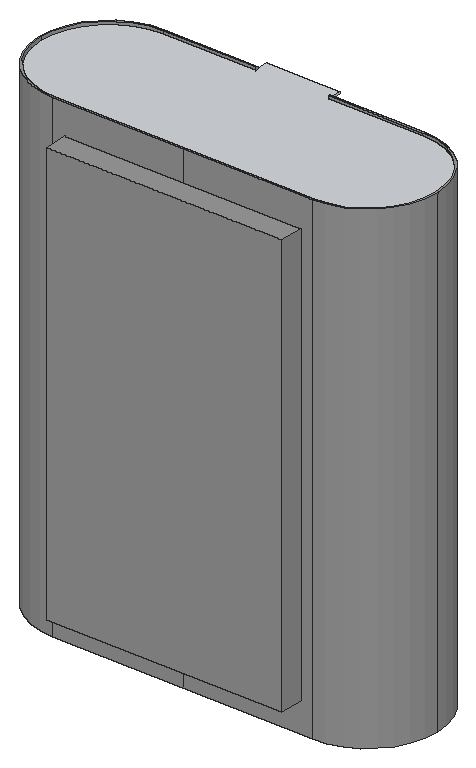
Revit family "3305 Bjørk_Sanitary bin", category Furniture Systems, host Wall, Revit 2018
Family settings
  Host = Wall
  Round Connector Dimension = Use Diameter
  Part Type = Normal
  Always vertical = Yes
  Cut with Voids When Loaded = No
  Shared = No
  Room Calculation Point = No
Parameters (values of type "BLACK")
  Surface Top = BLACK
  Surface Frame = BLACK
  Surface Bottom = BLACK
  Open = no
  Offset from floor = 150 mm
  Closed = yes
Reference planes
  plane 1 "Wall": y = 0
  plane 2 "Center (Left/Right)": x = 125
  plane 3 "Back": y = 75
Text (mm)
  text "Placement Side" at (-1848.837, 1116.779, 0), in view "Ref. Level"
  text "Placement side" at (0, 1409.804, 2854.306), in view "Left"
  text "Placement side" at (0, 499.811, 2980.732), in view "Right"
Dimensions and locks
  locked: plane 3 "Back" to host wall
  "Offset from floor": nested 1 to level
  aligned and locked: plane 1 "Wall" to host wall
  aligned and locked: plane 3 "Back" to nested 1
Nested families
  nested 1: "Master Björk Sanitary bin" at (125, 151.5, 150) x (-1, 0, 0) z (0, 0, 1), type "Master Björk Sanitary bin"
    with Open no
Definition of nested family "Master Björk Sanitary bin"
  Parameters (values of type "Master Björk Sanitary bin")
    Surface Top = none
    Surface Frame = none
    Surface Bottom = none
    Open = yes
    Closed = yes
  Reference planes
    plane 1 "Center (Front/Back)": y = 0
    plane 2: z = 0
    plane 3 "Center (Left/Right)": x = 0
  Dimensions and locks
    aligned and locked: level to plane 2
  Nested families
    nested 1: "Top - Bottom" at (0, 0, 0), visible <- "Closed", type "Top - Bottom"
    nested 2: "Frame" at (0, 0, 0), type "Frame"
    nested 3: "Top - Bottom Open" at (0, 0, 0), visible <- "Open", type "Top - Bottom Open"
  Definition of nested family "Top - Bottom"
    Parameters (values of type "Top - Bottom")
      Surface Frame = none
      Surface Bottom = none
    Reference planes
      plane 1 "Center (Front/Back)": y = 0
      plane 2: z = 0
      plane 3 "Center (Left/Right)": x = 0
    Forms (mm)
      Extrusion 1, solid, material <- "Surface Bottom"
        sketch origin (0, 129.723, 20) x (0, -1, 0) y (1, 0, 0)
          loop
            arc (73.723, -107.5) -> (90.125, -147.098) -> (129.723, -163.5) r 56
            arc (129.723, -163.5) -> (169.321, -147.098) -> (185.723, -107.5) r 56
            line (185.723, -107.5) -> (185.723, 107.5)
            arc (185.723, 107.5) -> (169.321, 147.098) -> (129.723, 163.5) r 56
            arc (129.723, 163.5) -> (90.125, 147.098) -> (73.723, 107.5) r 56
            line (73.723, 107.5) -> (73.723, -107.5)
        from 0 to 1.5
      Extrusion 2, solid
        sketch origin (0, 129.723, 396.5) x (0, -1, 0) y (1, 0, 0)
          loop
            arc (73.723, -107.5) -> (90.125, -147.098) -> (129.723, -163.5) r 56
            arc (129.723, -163.5) -> (169.321, -147.098) -> (185.723, -107.5) r 56
            line (185.723, -107.5) -> (185.723, -30) -> (197.223, -30) -> (197.223, 0) -> (197.223, 30) -> (185.723, 30) -> (185.723, 107.5)
            arc (185.723, 107.5) -> (169.321, 147.098) -> (129.723, 163.5) r 56
            arc (129.723, 163.5) -> (90.125, 147.098) -> (73.723, 107.5) r 56
            line (73.723, 107.5) -> (73.723, -107.5)
        from 0 to 1.5
    Lines and regions (mm)
      reference lines
        curve 1: line (0, 129.723, 396.5) -> (0, -190.277, 396.5)
        curve 2: line (0, 129.723, 20) -> (0, -150.277, 20)
    Dimensions and locks
      aligned and locked: level to plane 2
  Definition of nested family "Frame"
    Parameters (values of type "Frame")
      Surface Top = none
      Surface Frame = none
      Surface Bottom = none
    Reference planes
      plane 1 "Center (Front/Back)": y = 0
      plane 2: z = 0
      plane 3 "Center (Left/Right)": x = 0
    Forms (mm)
      Extrusion 1, solid, material <- "Surface Frame"
        sketch origin (0, 0, 0) x (1, 0, 0) y (0, 1, 0)
          loop
            line (0, 57.5) -> (-107.5, 57.5)
            arc (-107.5, 57.5) -> (-148.159, 40.659) -> (-165, 0) r 57.5
            arc (-165, 0) -> (-148.159, -40.659) -> (-107.5, -57.5) r 57.5
            line (-107.5, -57.5) -> (0, -57.5) -> (107.5, -57.5)
            arc (107.5, -57.5) -> (148.159, -40.659) -> (165, 0) r 57.5
            arc (165, 0) -> (148.159, 40.659) -> (107.5, 57.5) r 57.5
            line (107.5, 57.5) -> (0, 57.5)
          loop
            arc (-107.5, 56) -> (-147.098, 39.598) -> (-163.5, 0) r 56
            arc (-163.5, 0) -> (-147.098, -39.598) -> (-107.5, -56) r 56
            line (-107.5, -56) -> (107.5, -56)
            arc (107.5, -56) -> (147.098, -39.598) -> (163.5, 0) r 56
            arc (163.5, 0) -> (147.098, 39.598) -> (107.5, 56) r 56
            line (107.5, 56) -> (-107.5, 56)
        from 0 to 400
      Extrusion 2, solid, material <- "Surface Frame"
        sketch origin (0, 57.5, 0) x (-1, 0, 0) y (0, 0, 1)
          loop
            line (-97.5, 375) -> (-97.5, 25) -> (97.5, 25) -> (97.5, 375) -> (-97.5, 375)
        from 0 to 19
      Extrusion 3, void
        sketch origin (0, 0, 0) x (1, 0, 0) y (0, 1, 0)
          loop
            line (-30, -53.768) -> (-30, -68.768) -> (30, -68.768) -> (30, -53.768) -> (-30, -53.768)
        from 396.5 to 403.782
    Cuts and joins
      Extrusion 3 cuts Extrusion 1
    Dimensions and locks
      cut or joined group of Extrusion 1, Extrusion 3 to cut or joined group of Extrusion 1, Extrusion 3 = 3.5 mm
      aligned and locked: level to plane 2
  Definition of nested family "Top - Bottom Open"
    Parameters (values of type "Top - Bottom Open")
      Surface Frame = none
      Surface Bottom = none
    Reference planes
      plane 1 "Center (Front/Back)": y = 0
      plane 2: z = 0
      plane 3 "Center (Left/Right)": x = 0
    Forms (mm)
      Extrusion 1, solid, material <- "Surface Bottom"
        sketch origin (0, 129.723, 20) x (0, -1, 0) y (1, 0, 0)
          loop
            arc (73.723, -107.5) -> (90.125, -147.098) -> (129.723, -163.5) r 56
            arc (129.723, -163.5) -> (169.321, -147.098) -> (185.723, -107.5) r 56
            line (185.723, -107.5) -> (185.723, 107.5)
            arc (185.723, 107.5) -> (169.321, 147.098) -> (129.723, 163.5) r 56
            arc (129.723, 163.5) -> (90.125, 147.098) -> (73.723, 107.5) r 56
            line (73.723, 107.5) -> (73.723, -107.5)
        from 0 to 1.5
      Extrusion 2, solid
        sketch origin (0, 54.5, 324.277) x (0, 0, 1) y (1, 0, 0)
          loop
            arc (73.723, -107.5) -> (90.125, -147.098) -> (129.723, -163.5) r 56
            arc (129.723, -163.5) -> (169.321, -147.098) -> (185.723, -107.5) r 56
            line (185.723, -107.5) -> (185.723, -30) -> (197.223, -30) -> (197.223, 0) -> (197.223, 30) -> (185.723, 30) -> (185.723, 107.5)
            arc (185.723, 107.5) -> (169.321, 147.098) -> (129.723, 163.5) r 56
            arc (129.723, 163.5) -> (90.125, 147.098) -> (73.723, 107.5) r 56
            line (73.723, 107.5) -> (73.723, -107.5)
        from 0 to 1.5
    Lines and regions (mm)
      reference lines
        curve 1: line (0, 129.723, 396.5) -> (0, -190.277, 396.5)
        curve 2: line (0, 129.723, 20) -> (0, -150.277, 20)
    Dimensions and locks
      aligned and locked: level to plane 2
